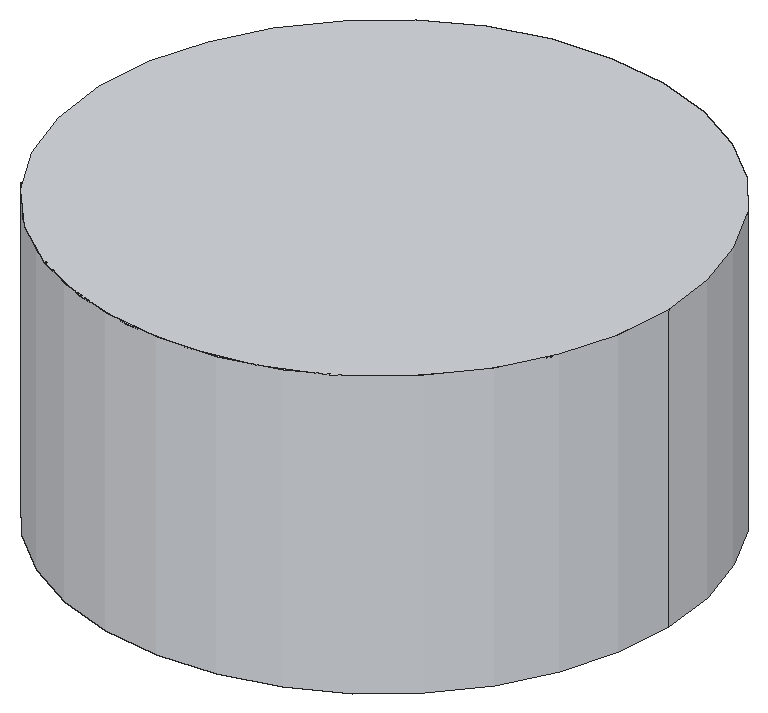
Revit family "08754000", category Generic Models, Revit 2023
Family settings
  Can host rebar = No
  Round Connector Dimension = Use Diameter
  Part Type = Normal
  Work Plane-Based = No
  Always vertical = Yes
  Cut with Voids When Loaded = No
  Maintain Annotation Orientation = No
  Shared = No
  Room Calculation Point = No
Parameters (values of type "Standard")
  URL = "https://www.rustfriebergh.no/produkter/vannbad-varmeskap-varmeri/rbvp-st%C3%A5l"
  Model = "08754000"
  Manufacturer = "Rustfriebergh AS"
  Description = "RBVP-4GN Varmeplate"
  Default Elevation = 0 mm
Reference planes
  plane 1 "Center (Front/Back)": y = 0
  plane 2: z = 0
  plane 3 "Center (Left/Right)": x = 0
Forms (mm)
  Extrusion 1, solid
    sketch origin (191.152, -266.521, -361.744) x (1, 0, 0) y (0, 1, 0)
      loop
        circle (0, 0) r 3.048
    from 0 to -3.048
Dimensions and locks
  aligned and locked: level to plane 2
Connectors
  electrical at (191.152, -266.521, -361.744)
    settings: on Extrusion 1, index 1, voltage 230 V, apparent load 1600 VA, apparent load phase1 0 VA, apparent load phase2 0 VA, apparent load phase3 0 VA, power factor 0, load classification "Other", number of poles 1, system type 30, power factor state 1, is connector primary yes, connector utility no, sub classification motor no, connector description "Tilførselskabel"
